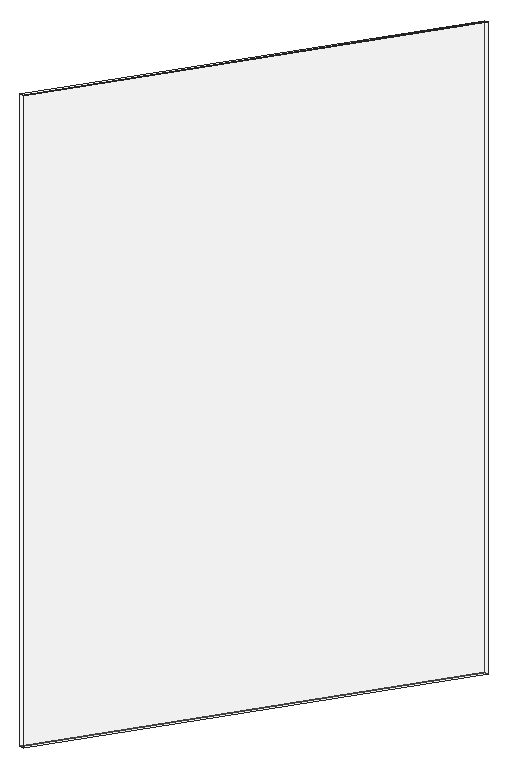
Revit family "Baluster Panel_Glass", category Balusters, Revit 2024
Family settings
  Always vertical = Yes
  Cut with Voids When Loaded = No
  Shared = No
Parameters (values of type "915")
  built-in parameter 1008623 [instance] = (empty or 0)
  Thickness [instance] = 6.35 mm
  built-in parameter 1008625 [instance] = 18.00°
  Post = no
  Panel Top Gap = 0 mm
  Panel Material = _Default - Glass - Railing
  Width = 915 mm
  Panel Side Gap = 3.175 mm
  Panel Bottom Gap = 0 mm
  EA_Repath [instance] = 0 mm
  built-in parameter 1008624 [instance] = (empty or 0)
  built-in parameter 1008622 [instance] = 915 mm
Reference planes
  plane 1 "Center (Front/Back)": y = 0
  plane 2: z = 0
  plane 3 "Center (Left/Right)": x = 3.175
  plane 4 "Top": z = 915
  plane 5 "Slope Angle (Top)": through (0, 268.912, 827.625) normal (0, -0.309, -0.9511)
  plane 6 "Slope Angle (Bottom)": through (0, 0, 0) normal (0, -0.309, -0.9511)
  plane 7 "Front": y = 457.5
  plane 8 "Back": y = -457.5
  plane 9: x = 0
  plane 10: x = 6.35
Forms (mm)
  Extrusion 1, solid, material "_Default - Glass - Railing" <- "Panel Material"
    sketch origin (3.175, 0, 0) x (0, 1, 0) y (0, 0, 1)
      loop
        line (454.325, -147.619) -> (454.325, 767.381) -> (-454.325, 1062.619) -> (-454.325, 147.619) -> (454.325, -147.619)
    from -3.175 to 3.175
Lines and regions (mm)
  model lines, style "InvisibleLines"
    curve 1: line (3.175, 457.5, 766.349) -> (3.175, -457.5, 1063.651)
    curve 2: line (3.175, 457.5, -148.651) -> (3.175, -457.5, 148.651)
    curve 3: line (3.175, 454.325, -147.619) -> (3.175, 454.325, 767.381)
    curve 4: line (3.175, -454.325, 147.619) -> (3.175, -454.325, 1062.619)
Text (mm)
  text "Baluster Panel Elevation" at (0, 1279.138, 1234.25), in view "Left"
Dimensions and locks
  "built-in parameter 1008622": plane 2 to plane 4 "Top"
  "Width": plane 8 "Back" to plane 7 "Front"
  equal spacing: plane 8 "Back", plane 1 "Center (Front/Back)", plane 7 "Front"
  "Thickness": plane 9 to plane 10
  equal spacing: plane 9, plane 3 "Center (Left/Right)", plane 10
  "Panel Top Gap": curve 1 to plane 5 "Slope Angle (Top)"  (x2)
  "Panel Bottom Gap": plane 6 "Slope Angle (Bottom)" to curve 2  (x2)
  "Panel Side Gap": plane 7 "Front" to curve 3  (x2)
  "Panel Side Gap": curve 4 to plane 8 "Back"  (x2)
  "built-in parameter 1008625": angle plane 4 "Top" to plane 5 "Slope Angle (Top)"
  "built-in parameter 1008625": angle level to plane 6 "Slope Angle (Bottom)"
  aligned and locked: Extrusion 1 to plane 9
  aligned and locked: Extrusion 1 to plane 10
  aligned and locked: plane 7 "Front" to curve 2
  aligned and locked: plane 5 "Slope Angle (Top)" to curve 4
  aligned and locked: plane 6 "Slope Angle (Bottom)" to curve 4
  aligned and locked: plane 5 "Slope Angle (Top)" to curve 3
  aligned and locked: plane 6 "Slope Angle (Bottom)" to curve 3
  aligned and locked: curve 1 to Extrusion 1 sketch curve
  aligned and locked: Extrusion 1 sketch curve to curve 2
  aligned and locked: Extrusion 1 sketch curve to curve 4
  aligned and locked: curve 3 to Extrusion 1 sketch curve
Automatic sketch dimensions
  curve 1 to plane 7 "Front" = 0 mm
  curve 1 to plane 8 "Back" = 0 mm
  curve 2 to plane 8 "Back" = 0 mm
